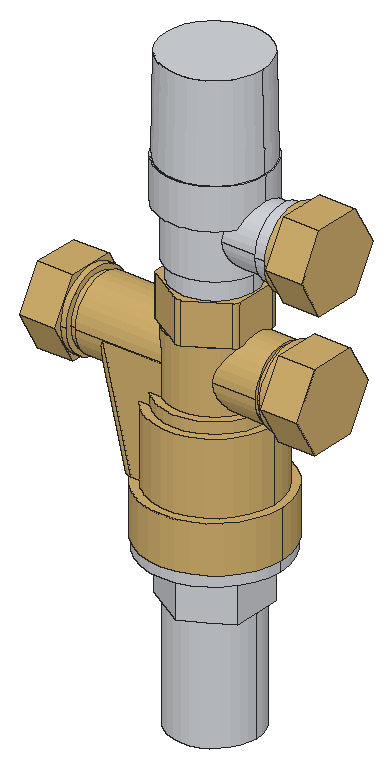
Revit family
Parameters (values of type "KHN3.114")
  URL = "http://www.autospec.co.za/browse.php?id=1644179288"
  Radius of Pipe = Diameter of Pipe / 2  # 11 mm
  Product Code = "KHN3.114"
  Pressure Rating = 400 kPa
  OmniClass Title = ""
  OmniClass Number = ""
  Modspec Classification = ""
  Specification = ""
  Location (revit room) = ""
  Model = "Pressure Control Mono Valve KHN3.114"
  Manufacturer = "Kwikot"  # constant formula
  Material = DZR Brass
  Diameter of Pipe = 22 mm
  Colour = none
  Body Finish = none
  Assembly Code = "D2090800"
Reference planes
  plane 1 "Center (Front/Back)": y = 0
  plane 2: z = 0
  plane 3 "Center (Left/Right)": x = 0
  plane 4: z = -102
  plane 5: z = 85
  plane 6: z = -67
  plane 7: x = 13
  plane 8: x = -13
  plane 9: z = -49.4
  plane 10: z = -34.9
  plane 11: z = -52.865
  plane 12: z = -12.9
  plane 13: z = -9.4
  plane 14: z = 9.6
  plane 15: z = 22.1
  plane 16: z = 28.1
  plane 17: z = 43.6
  plane 18: z = 56
  plane 19: x = 21.5
  plane 20: x = -34.5
  plane 21: x = 36.5
  plane 22: x = -49.5
  plane 23: x = 23.5
  plane 24: x = 25.5
  plane 25: x = -36.5
  plane 26: x = -38.5
  plane 27: z = 39.2
  plane 28: x = 38
  plane 29: x = 27
  plane 30: x = -6.5
Forms (mm)
  Extrusion 1, solid, detail levels fine
    sketch origin (-440, -1524, -102) x (-1, 0, 0) y (0, -1, 0)
      loop
        circle (-440, -1524) r 13
    from 0 to 35
  Extrusion 2, solid, detail levels fine
    sketch origin (-440, -1524, -67) x (-1, 0, 0) y (0, -1, 0)
      loop
        line (-453, -1531.506) -> (-440, -1539.011) -> (-427, -1531.506) -> (-427, -1516.494) -> (-440, -1508.989) -> (-453, -1516.494) -> (-453, -1531.506)
    from 0 to 14.135
  Extrusion 3, solid, detail levels fine
    sketch origin (-20.969, -1524, -52.865) x (-1, 0, 0) y (0, -1, 0)
      loop
        circle (-20.969, -1524) r 20.5
    from 0 to 3.465
  Extrusion 4, solid, material "DZR Brass" <- "Material", detail levels fine
    sketch origin (-165.612, -1524, -49.4) x (-1, 0, 0) y (0, -1, 0)
      loop
        circle (-165.612, -1524) r 21
    from 0 to 14.5
  Extrusion 5, solid, material "DZR Brass" <- "Material", detail levels fine
    sketch origin (0, 0, 0) x (0, 1, 0) y (0, 0, 1)
      loop
        circle (0, 0) r 11
    from 21.5 to -34.5
  Extrusion 6, solid, material "DZR Brass" <- "Material", detail levels fine
    sketch origin (-165.612, -1524, -34.9) x (-1, 0, 0) y (0, -1, 0)
      loop
        circle (-165.612, -1524) r 18.5
    from 0 to 22
  Extrusion 7, solid, material "DZR Brass" <- "Material", detail levels fine
    sketch origin (-60.699, -1524, -12.9) x (-1, 0, 0) y (0, -1, 0)
      loop
        circle (-60.699, -1524) r 16
    from 0 to 3.5
  Extrusion 8, solid, material "DZR Brass" <- "Material", detail levels fine
    sketch origin (-60.699, -1524, -9.4) x (-1, 0, 0) y (0, -1, 0)
      loop
        circle (-60.699, -1524) r 13.5
    from 0 to 19
  Blend 9, solid, material "DZR Brass" <- "Material", detail levels fine
    base sketch origin (-60.699, -1524, -9.4) x (-1, 0, 0) y (0, -1, 0)
      loop
        arc (-34.681, -1535) -> (-33.456, -1534.739) -> (-32.444, -1534) r 3
        arc (-32.444, -1534) -> (-28.625, -1524) -> (-32.444, -1514) r 15
        arc (-32.444, -1514) -> (-33.456, -1513.261) -> (-34.681, -1513) r 3
        line (-34.681, -1513) -> (-54.199, -1513) -> (-54.199, -1535) -> (-34.681, -1535)
    top sketch origin (-60.699, -1524, -9.4) x (-1, 0, 0) y (0, -1, 0)
      loop
        line (-54.199, -1535) -> (-43.324, -1535)
        arc (-43.324, -1535) -> (-41.97, -1534.677) -> (-40.908, -1533.778) r 3
        arc (-40.908, -1533.778) -> (-37.699, -1524) -> (-40.908, -1514.222) r 16.5
        arc (-40.908, -1514.222) -> (-41.97, -1513.323) -> (-43.324, -1513) r 3
        line (-43.324, -1513) -> (-54.199, -1513) -> (-54.199, -1535)
    from 9.4 to -25.5
  Extrusion 10, solid, material "DZR Brass" <- "Material", detail levels fine
    sketch origin (-60.699, -1524, 9.6) x (-1, 0, 0) y (0, -1, 0)
      loop
        line (-72.699, -1532.083) -> (-61.699, -1538.434)
        arc (-61.699, -1538.434) -> (-60.699, -1538.702) -> (-59.699, -1538.434) r 2
        line (-59.699, -1538.434) -> (-48.699, -1532.083)
        arc (-48.699, -1532.083) -> (-47.967, -1531.351) -> (-47.699, -1530.351) r 2
        line (-47.699, -1530.351) -> (-47.699, -1517.649)
        arc (-47.699, -1517.649) -> (-47.967, -1516.649) -> (-48.699, -1515.917) r 2
        line (-48.699, -1515.917) -> (-59.699, -1509.566)
        arc (-59.699, -1509.566) -> (-60.699, -1509.298) -> (-61.699, -1509.566) r 2
        line (-61.699, -1509.566) -> (-72.699, -1515.917)
        arc (-72.699, -1515.917) -> (-73.431, -1516.649) -> (-73.699, -1517.649) r 2
        line (-73.699, -1517.649) -> (-73.699, -1530.351)
        arc (-73.699, -1530.351) -> (-73.431, -1531.351) -> (-72.699, -1532.083) r 2
    from 0 to 12.5
  Extrusion 11, solid, detail levels fine
    sketch origin (-60.699, -1524, 22.1) x (-1, 0, 0) y (0, -1, 0)
      loop
        circle (-60.699, -1524) r 12.2
    from 0 to 6
  Extrusion 12, solid, detail levels fine
    sketch origin (-60.699, -1524, 28.1) x (-1, 0, 0) y (0, -1, 0)
      loop
        circle (-60.699, -1524) r 13.5
    from 0 to 15.5
  Extrusion 13, solid, detail levels fine
    sketch origin (-60.699, -1524, 43.6) x (-1, 0, 0) y (0, -1, 0)
      loop
        circle (-60.699, -1524) r 16
    from 0 to 12.4
  Blend 14, solid, detail levels fine
    base sketch origin (-60.699, -1524, 56) x (-1, 0, 0) y (0, -1, 0)
      loop
        circle (-60.699, -1524) r 15.5
    top sketch origin (-60.699, -1524, 56) x (-1, 0, 0) y (0, -1, 0)
      loop
        circle (-60.699, -1524) r 15
    from 0 to 29
  Extrusion 15, solid, material "DZR Brass" <- "Material", detail levels fine
    sketch origin (21.5, -1524, -21.263) x (0, 0, -1) y (0, -1, 0)
      loop
        circle (-21.263, -1524) r 10.5
    from 0 to -2
  Extrusion 16, solid, material "DZR Brass" <- "Material", detail levels fine
    sketch origin (-34.5, -1524, -21.263) x (0, 0, -1) y (0, -1, 0)
      loop
        circle (-21.263, -1524) r 10.5
    from 0 to 2
  Extrusion 17, solid, material "DZR Brass" <- "Material", detail levels fine
    sketch origin (21.5, -1524, -21.263) x (0, 0, -1) y (0, -1, 0)
      loop
        circle (-21.263, -1524) r 12
    from -2 to -4
  Extrusion 18, solid, material "DZR Brass" <- "Material", detail levels fine
    sketch origin (-34.5, -1524, -21.263) x (0, 0, -1) y (0, -1, 0)
      loop
        circle (-21.263, -1524) r 12
    from 2 to 4
  Extrusion 19, solid, material "DZR Brass" <- "Material", detail levels fine
    sketch origin (25.5, -1524, -21.263) x (0, 0, -1) y (0, -1, 0)
      loop
        line (-9.263, -1517.072) -> (-21.263, -1510.144) -> (-33.263, -1517.072) -> (-33.263, -1530.928) -> (-21.263, -1537.856) -> (-9.263, -1530.928) -> (-9.263, -1517.072)
    from 0 to -11
  Extrusion 20, solid, material "DZR Brass" <- "Material", detail levels fine
    sketch origin (-38.5, -1524, -21.263) x (0, 0, -1) y (0, -1, 0)
      loop
        line (-33.263, -1517.072) -> (-33.263, -1530.928) -> (-21.263, -1537.856) -> (-9.263, -1530.928) -> (-9.263, -1517.072) -> (-21.263, -1510.144) -> (-33.263, -1517.072)
    from 0 to 11
  Extrusion 21, solid, detail levels fine
    sketch origin (0, 0, 0) x (0, 1, 0) y (0, 0, 1)
      loop
        circle (0, 39.2) r 9.5
    from 0 to 20.8
  Extrusion 22, solid, detail levels fine
    sketch origin (0, 0, 0) x (0, 1, 0) y (0, 0, 1)
      loop
        circle (0, 39.2) r 10.45
    from 20.8 to 25
  Extrusion 23, solid, material "DZR Brass" <- "Material", detail levels fine
    sketch origin (0, 0, 0) x (0, 1, 0) y (0, 0, 1)
      loop
        circle (0, 39.2) r 12
    from 25 to 27
  Extrusion 24, solid, material "DZR Brass" <- "Material", detail levels fine
    sketch origin (38, -1524, 63.742) x (0, 0, 1) y (0, -1, 0)
      loop
        line (-12.542, -1517.072) -> (-24.542, -1510.144) -> (-36.542, -1517.072) -> (-36.542, -1530.928) -> (-24.542, -1537.856) -> (-12.542, -1530.928) -> (-12.542, -1517.072)
    from 0 to -11
Cuts and joins
  joined: Extrusion 11, Extrusion 12, Extrusion 13, Blend 14, Extrusion 21, Extrusion 22
  joined: Extrusion 23, Extrusion 24
  joined: Extrusion 1, Extrusion 2, Extrusion 3
  joined: Extrusion 5, Extrusion 10, Extrusion 15, Extrusion 16, Extrusion 17, Extrusion 18, Extrusion 19, Extrusion 20
  joined: Extrusion 4, Extrusion 6, Extrusion 7, Extrusion 8, Blend 9
Lines and regions (mm)
  model lines
    curve 1: line (-6.5, 0, 0) -> (-6.5, 27.166, 0)
    curve 2: line (-16.5, 27.166, 0) -> (3.5, 27.166, 0)
    curve 3: arc (-16.5, 27.166, 0) -> (-6.5, 30.985, 0) -> (3.5, 27.166, 0) r 15
    curve 4: line (-6.5, 30.985, 0) -> (-6.5, 42.166, 0)
    curve 5: line (-6.5, 42.166, 0) -> (29.75, 42.166, 0)
    curve 6: line (29.75, 42.166, 0) -> (29.75, 0, 0)
    curve 7: line (-34.5, -10.5, 0) -> (-34.5, 10.5, 0)
    curve 8: line (-34.5, 10.5, 0) -> (21.5, -10.5, 0)
    curve 9: line (-34.5, -10.5, 0) -> (21.5, 10.5, 0)
    curve 10: line (21.5, -10.5, 0) -> (21.5, 10.5, 0)
    curve 11: line (-34.5, 0, 0) -> (-49.5, 0, 0)
    curve 12: line (21.5, 0, 0) -> (36.5, 0, 0)
Dimensions and locks
  level to plane 4 = 102 mm
  plane 6 to plane 4 = 35 mm
  plane 8 to plane 7 = 26 mm
  plane 3 "Center (Left/Right)" to plane 19 = 21.5 mm
  plane 20 to plane 19 = 56 mm
  plane 3 "Center (Left/Right)" to plane 21 = 36.5 mm
  plane 22 to plane 3 "Center (Left/Right)" = 49.5 mm
  plane 27 to plane 2 = 39.2 mm
  plane 28 to plane 3 "Center (Left/Right)" = 38 mm
  plane 28 to plane 29 = 11 mm
  plane 29 to plane 3 "Center (Left/Right)" = 27 mm
  "Radius of Pipe": plane 1 "Center (Front/Back)" to Blend 9 sketch curve
  equal spacing: Blend 9 sketch curve, plane 1 "Center (Front/Back)", Blend 9 sketch curve
  plane 20 to Blend 9 sketch curve = 2.426 mm
  plane 20 to Blend 9 sketch curve = 11.5 mm
  radius of Extrusion 1 sketch curve = 13 mm
  "Radius of Pipe": radius of Extrusion 5 sketch curve
  radius of Extrusion 21 sketch curve = 9.5 mm
  radius of Extrusion 23 sketch curve = 12 mm
  radius of Extrusion 22 sketch curve = 10.45 mm
  aligned and locked: level to plane 2
  aligned and locked: plane 6 to Extrusion 1
  aligned and locked: Extrusion 1 to plane 4
  aligned and locked: plane 11 to Extrusion 2
  aligned and locked: Extrusion 2 to plane 6
  aligned and locked: plane 9 to Extrusion 3
  aligned and locked: Extrusion 3 to Extrusion 2
  aligned and locked: plane 10 to Extrusion 4
  aligned and locked: Extrusion 4 to plane 9
  aligned and locked: plane 12 to Extrusion 6
  aligned and locked: Extrusion 6 to plane 10
  aligned and locked: plane 13 to Extrusion 7
  aligned and locked: Extrusion 7 to plane 12
  aligned and locked: plane 14 to Extrusion 8
  aligned and locked: Extrusion 8 to Extrusion 7
  aligned and locked: plane 15 to Extrusion 10
  aligned and locked: Extrusion 10 to Extrusion 8
  aligned and locked: plane 16 to Extrusion 11
  aligned and locked: Extrusion 11 to plane 15
  aligned and locked: plane 17 to Extrusion 12
  aligned and locked: Extrusion 12 to plane 16
  aligned and locked: plane 18 to Extrusion 13
  aligned and locked: Extrusion 13 to plane 17
  aligned and locked: plane 5 to Blend 14
  aligned and locked: Blend 14 to plane 18
  aligned and locked: plane 20 to Extrusion 5
  aligned and locked: Extrusion 5 to plane 19
  aligned: Extrusion 16 sketch curve to Extrusion 15
  aligned and locked: Extrusion 16 sketch curve to Extrusion 15
  aligned and locked: Extrusion 17 to Extrusion 15
  aligned: Extrusion 18 sketch curve to Extrusion 17
  aligned and locked: Extrusion 18 sketch curve to Extrusion 17
  aligned and locked: Extrusion 15 to plane 23
  aligned and locked: plane 23 to Extrusion 17
  aligned and locked: Extrusion 17 to plane 24
  aligned and locked: plane 25 to Extrusion 16
  aligned and locked: Extrusion 18 to Extrusion 16
  aligned and locked: plane 26 to Extrusion 18
  aligned and locked: Extrusion 19 to Extrusion 17
  aligned and locked: Extrusion 19 to plane 21
  aligned and locked: plane 22 to Extrusion 20
  aligned and locked: Extrusion 20 to Extrusion 18
  aligned and locked: plane 1 "Center (Front/Back)" to Extrusion 21 sketch curve
  aligned and locked: plane 27 to Extrusion 21 sketch curve
  aligned and locked: plane 27 to Extrusion 22 sketch curve
  aligned and locked: plane 1 "Center (Front/Back)" to Extrusion 22 sketch curve
  aligned and locked: plane 27 to Extrusion 23 sketch curve
  aligned and locked: plane 1 "Center (Front/Back)" to Extrusion 23 sketch curve
  aligned and locked: plane 29 to Extrusion 23
  aligned and locked: plane 28 to Extrusion 24
  aligned and locked: Extrusion 24 to plane 29
  aligned and locked: plane 30 to Blend 9 sketch curve
  aligned and locked: plane 1 "Center (Front/Back)" to Blend 9 sketch curve
  aligned and locked: Blend 9 sketch curve to var sketch  (x2)
  aligned and locked: var sketch to Blend 9 sketch curve
  aligned and locked: cut or joined group of Extrusion 5, Extrusion 10, Extrusion 15, Extrusion 16, Extrusion 17, Extrusion 18, Extrusion 19, Extrusion 20 to curve 12
Automatic sketch dimensions
  plane 1 "Center (Front/Back)" to Extrusion 1 sketch curve = 0 mm
  Extrusion 1 sketch curve to plane 3 "Center (Left/Right)" = 0 mm
  Extrusion 2 sketch curve to plane 7 = 0 mm
  Extrusion 2 sketch curve to plane 3 "Center (Left/Right)" = 0 mm  (x2)
  Extrusion 2 sketch curve to plane 8 = 0 mm
  Extrusion 2 sketch curve to plane 1 "Center (Front/Back)" = 15.011 mm
  Extrusion 2 sketch curve to plane 1 "Center (Front/Back)" = 7.506 mm  (x2)
  plane 1 "Center (Front/Back)" to Extrusion 2 sketch curve = 7.506 mm  (x2)
  Extrusion 2 sketch curve to Extrusion 2 sketch curve = 7.506 mm
  plane 1 "Center (Front/Back)" to Extrusion 3 sketch curve = 0 mm
  Extrusion 3 sketch curve to plane 3 "Center (Left/Right)" = 0 mm
  plane 1 "Center (Front/Back)" to Extrusion 4 sketch curve = 0 mm
  Extrusion 4 sketch curve to plane 3 "Center (Left/Right)" = 0 mm
  Extrusion 5 sketch curve to level = 0 mm
  Extrusion 5 sketch curve to plane 1 "Center (Front/Back)" = 0 mm
  plane 1 "Center (Front/Back)" to Extrusion 6 sketch curve = 0 mm
  Extrusion 6 sketch curve to plane 3 "Center (Left/Right)" = 0 mm
  plane 1 "Center (Front/Back)" to Extrusion 7 sketch curve = 0 mm
  Extrusion 7 sketch curve to plane 3 "Center (Left/Right)" = 0 mm
  plane 1 "Center (Front/Back)" to Extrusion 8 sketch curve = 0 mm
  Extrusion 8 sketch curve to plane 3 "Center (Left/Right)" = 0 mm
  Extrusion 10 sketch curve to plane 7 = 0 mm
  Extrusion 10 sketch curve to plane 3 "Center (Left/Right)" = 0 mm  (x2)
  Extrusion 10 sketch curve to plane 8 = 0 mm
  plane 7 to Extrusion 10 sketch curve = 1 mm  (x2)
  Extrusion 10 sketch curve to Extrusion 10 sketch curve = 2 mm  (x2)
  plane 3 "Center (Left/Right)" to Extrusion 10 sketch curve = 1 mm  (x2)
  Extrusion 10 sketch curve to plane 3 "Center (Left/Right)" = 1 mm  (x2)
  Extrusion 10 sketch curve to plane 8 = 2 mm  (x2)
  Extrusion 10 sketch curve to plane 8 = 1 mm  (x2)
  Extrusion 10 sketch curve to plane 1 "Center (Front/Back)" = 14.434 mm
  Extrusion 10 sketch curve to Extrusion 10 sketch curve = 1.732 mm  (x2)
  Extrusion 10 sketch curve to plane 1 "Center (Front/Back)" = 8.083 mm  (x2)
  plane 1 "Center (Front/Back)" to Extrusion 10 sketch curve = 6.351 mm  (x2)
  Extrusion 10 sketch curve to Extrusion 10 sketch curve = 6.351 mm
  plane 1 "Center (Front/Back)" to Extrusion 11 sketch curve = 0 mm
  Extrusion 11 sketch curve to plane 3 "Center (Left/Right)" = 0 mm
  plane 1 "Center (Front/Back)" to Extrusion 12 sketch curve = 0 mm
  Extrusion 12 sketch curve to plane 3 "Center (Left/Right)" = 0 mm
  plane 1 "Center (Front/Back)" to Extrusion 13 sketch curve = 0 mm
  Extrusion 13 sketch curve to plane 3 "Center (Left/Right)" = 0 mm
  plane 1 "Center (Front/Back)" to Blend 14 sketch curve = 0 mm  (x2)
  Blend 14 sketch curve to plane 3 "Center (Left/Right)" = 0 mm  (x2)
  Extrusion 15 sketch curve to level = 0 mm
  Extrusion 15 sketch curve to plane 1 "Center (Front/Back)" = 0 mm
  Extrusion 17 sketch curve to level = 0 mm
  Extrusion 17 sketch curve to plane 1 "Center (Front/Back)" = 0 mm
  Extrusion 19 sketch curve to level = 0 mm  (x2)
  plane 14 to Extrusion 19 sketch curve = 2.4 mm
  plane 12 to Extrusion 19 sketch curve = 0.9 mm
  Extrusion 19 sketch curve to plane 1 "Center (Front/Back)" = 13.856 mm
  Extrusion 19 sketch curve to plane 1 "Center (Front/Back)" = 6.928 mm  (x2)
  plane 1 "Center (Front/Back)" to Extrusion 19 sketch curve = 6.928 mm  (x2)
  plane 1 "Center (Front/Back)" to Extrusion 19 sketch curve = 13.856 mm
  Extrusion 20 sketch curve to level = 0 mm  (x2)
  plane 14 to Extrusion 20 sketch curve = 2.4 mm
  plane 12 to Extrusion 20 sketch curve = 0.9 mm
  Extrusion 20 sketch curve to plane 1 "Center (Front/Back)" = 13.856 mm
  Extrusion 20 sketch curve to plane 1 "Center (Front/Back)" = 6.928 mm  (x2)
  plane 1 "Center (Front/Back)" to Extrusion 20 sketch curve = 6.928 mm  (x2)
  Extrusion 20 sketch curve to Extrusion 20 sketch curve = 6.928 mm
  Blend 9 sketch curve to Blend 9 sketch curve = 2.236 mm  (x2)
  Blend 9 sketch curve to Blend 9 sketch curve = 0 mm  (x4)
  Blend 9 sketch curve to Blend 9 sketch curve = 2 mm
  plane 1 "Center (Front/Back)" to Blend 9 sketch curve = 0 mm
  Blend 9 sketch curve to plane 30 = 0 mm
  Blend 9 sketch curve to Blend 9 sketch curve = 2.417 mm
  Blend 9 sketch curve to Blend 9 sketch curve = 1.778 mm
  plane 1 "Center (Front/Back)" to curve 11 = 0 mm
  curve 11 to plane 22 = 0 mm
  curve 11 to plane 20 = 0 mm
  curve 5 to plane 30 = 0 mm
  curve 1 to plane 30 = 0 mm
  curve 3 to plane 30 = 0 mm
  curve 8 to plane 19 = 0 mm
  plane 1 "Center (Front/Back)" to curve 6 = 0 mm
  plane 1 "Center (Front/Back)" to curve 1 = 0 mm
  plane 8 to curve 2 = 3.5 mm
  plane 29 to curve 5 = 2.75 mm
  plane 1 "Center (Front/Back)" to curve 7 = 10.5 mm
  curve 10 to curve 12 = 10.5 mm
  curve 9 to plane 1 "Center (Front/Back)" = 10.5 mm
  curve 1 to curve 3 = 15.985 mm
  curve 3 to curve 3 = 11.18 mm
  curve 3 to curve 6 = 15 mm
  radius of Extrusion 3 sketch curve = 20.5 mm
  radius of Extrusion 4 sketch curve = 21 mm
  radius of Extrusion 6 sketch curve = 18.5 mm
  radius of Extrusion 7 sketch curve = 16 mm
  radius of Extrusion 8 sketch curve = 13.5 mm
  radius of Extrusion 11 sketch curve = 12.2 mm
  radius of Extrusion 12 sketch curve = 13.5 mm
  radius of Extrusion 13 sketch curve = 16 mm
  radius of Blend 14 sketch curve = 15.5 mm
  radius of Blend 14 sketch curve = 15 mm
  radius of Extrusion 15 sketch curve = 10.5 mm
  radius of Extrusion 17 sketch curve = 12 mm
Connectors
  piping at (-49.5, 0, 0), driven by "Radius of Pipe"
    settings: on Extrusion 20, index 1, connector radius 11 mm, flow factor 0, pipe flow 0.0 L/s, pressure drop 0 kPa, fitting loss kfactor 0, connector angle 0.00°, fixture units 0, flow configuration 0, flow direction 1, fitting loss method 0, system type 29, connector reference index 2, connector utility 0, adjustable connector yes, is connector primary yes, fitting loss table "", connector description "Pipe Connector"
  piping at (36.5, 0, 0), driven by "Radius of Pipe"
    settings: on Extrusion 19, index 2, connector radius 11 mm, flow factor 0, pipe flow 0.0 L/s, pressure drop 0 kPa, fitting loss kfactor 0, connector angle 0.00°, fixture units 0, flow configuration 0, flow direction 2, fitting loss method 0, system type 29, connector reference index 1, connector utility 0, adjustable connector yes, is connector primary no, fitting loss table "", connector description "Pipe Connector"
  piping at (38, 0, 39.2), driven by "Radius of Pipe"
    settings: on cut or joined group of Extrusion 23, Extrusion 24, index 3, connector radius 11 mm, flow factor 0, pipe flow 0.0 L/s, pressure drop 0 kPa, fitting loss kfactor 0, connector angle 0.00°, fixture units 0, flow configuration 0, flow direction 2, fitting loss method 0, system type 29, connector reference index -1, connector utility 0, adjustable connector yes, is connector primary no, fitting loss table "", connector description "Pipe Connector"
